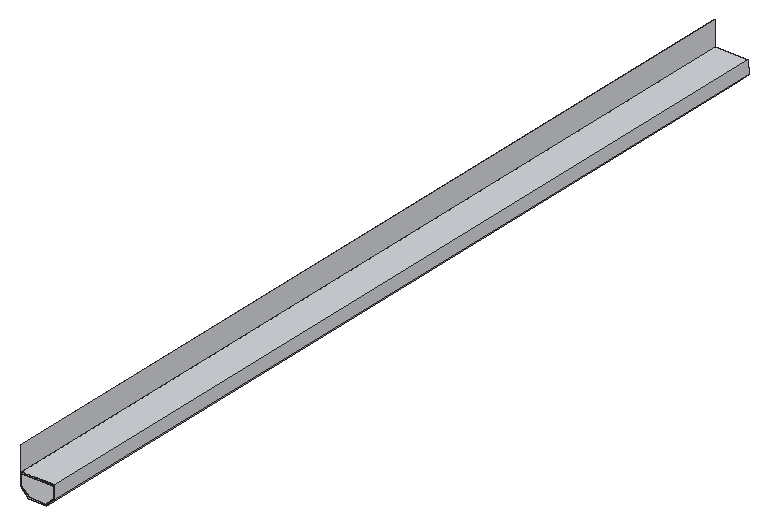
Revit family "nbl_TritonSystems_AquaChannel", category Plumbing Fixtures, Revit 2012
Parameters
  WarrantyStartDate [instance] = ""
  WarrantyGuarantorParts = ""
  WarrantyGuarantorLabour = ""
  WarrantyDurationParts = ""
  WarrantyDurationLabour = ""
  WarrantyDescription = ""
  Version = "1.0"
  TagNumber [instance] = ""
  THeight = 100 mm
  SustainabilityPerformance = ""
  StandardWidth = "80 mm"
  StandardLength = "2000 mm"
  StandardHeight = "Varies"
  Size = "80 mm x Varied mm"
  Shape = "Rectangle"
  ServiceLifeType = ""
  ServiceLifeDuration = ""
  SerialNumber [instance] = ""
  ReplacementCost = ""
  ReferenceStandard = ""
  ProductionYear = ""
  Process = ""
  NominalWidth = 80 mm
  NominalLength = 0 mm
  NominalHeight = 0 mm
  NBSReference = "90-05-20/302"
  NBSDescription = "Floor channels"
  ModelReference = "Triton Aqua Channel"
  ModelLabel = ""
  MethodOfMeasurement = ""
  Material = "PVC"
  ManufacturerURL = "www.tritonsystems.co.uk"
  Manufacturer = "Triton Systems"
  LifeCyclePhase = ""
  IssueDate = "2012-12-05"
  InstallationDate [instance] = ""
  Help = "www.nationalBIMlibrary.com"
  Grade = ""
  Finish = ""
  Features = ""
  DrainageCount [instance] = (ChannelLength - 35 mm) / 70 mm  # 28
  DrainHoles = "19 mm"
  Documentation = "www.tritonsystems.co.uk/pdf/Triton_Pumps_Brochure.pdf"
  DocumentReference = "www.tritonsystems.co.uk"
  Description = "PVC drainage conduit"
  Constituents = ""
  Colour = "Grey and Black"
  CodePerformance = ""
  ChannelLength [instance] = 2000 mm
  BarCode [instance] = ""
  BIMObjectName = "nbl_TritonSystems_AquaChannel"
  Author = "NBS"
  AssetIdentifier [instance] = ""
  AccessibilityPerformance = ""
Reference planes
  plane 1 "Center (Front/Back)": y = -100
  plane 2: z = 0
  plane 3 "Center (Left/Right)": x = 0
  plane 4: y = -1100
  plane 5: y = 900
  plane 6: y = 865
  plane 7: y = -1065
  plane 8: y = 795
Forms (mm)
  Extrusion 1, solid, detail levels medium+fine
    sketch origin (0, -0.045, 0) x (1, 0, 0) y (0, 0, 1)
      loop
        line (0, 55) -> (0, -30) -> (20, -50) -> (60, -50) -> (80, -30) -> (80, 0) -> (2, 0) -> (2, 55) -> (0, 55)
      loop
        line (2, -29.172) -> (20.828, -48) -> (59.172, -48) -> (78, -29.172) -> (78, -2) -> (2, -2) -> (2, -29.172)
    from -900.045 to 1099.955
  Extrusion 2, solid
    sketch origin (0, -1100, 0) x (1, 0, 0) y (0, 0, 1)
      loop
        line (2, -2) -> (2, -29.172) -> (20.828, -48) -> (59.172, -48) -> (78, -29.172) -> (78, -2) -> (2, -2)
    from 0 to -2
  Extrusion 3, void
    sketch origin (2, -0.045, -29.172) x (-0.707107, 0, 0.707107) y (0, 1, 0)
      loop
        circle (-13.32, 865.045) r 9.5
    from -5.774 to 29.294
  Extrusion 4, void
    sketch origin (2, -70.045, -29.172) x (-0.707107, 0, 0.707107) y (0, 1, 0)
      loop
        circle (-13.32, 865.045) r 9.5
    from -5.774 to 29.294
  Extrusion 5, void
    sketch origin (2, -140.045, -29.172) x (-0.707107, 0, 0.707107) y (0, 1, 0)
      loop
        circle (-13.32, 865.045) r 9.5
    from -5.774 to 29.294
  Extrusion 6, void
    sketch origin (2, -210.045, -29.172) x (-0.707107, 0, 0.707107) y (0, 1, 0)
      loop
        circle (-13.32, 865.045) r 9.5
    from -5.774 to 29.294
  Extrusion 7, void
    sketch origin (2, -280.045, -29.172) x (-0.707107, 0, 0.707107) y (0, 1, 0)
      loop
        circle (-13.32, 865.045) r 9.5
    from -5.774 to 29.294
  Extrusion 8, void
    sketch origin (2, -350.045, -29.172) x (-0.707107, 0, 0.707107) y (0, 1, 0)
      loop
        circle (-13.32, 865.045) r 9.5
    from -5.774 to 29.294
  Extrusion 9, void
    sketch origin (2, -420.045, -29.172) x (-0.707107, 0, 0.707107) y (0, 1, 0)
      loop
        circle (-13.32, 865.045) r 9.5
    from -5.774 to 29.294
  Extrusion 10, void
    sketch origin (2, -490.045, -29.172) x (-0.707107, 0, 0.707107) y (0, 1, 0)
      loop
        circle (-13.32, 865.045) r 9.5
    from -5.774 to 29.294
  Extrusion 11, void
    sketch origin (2, -560.045, -29.172) x (-0.707107, 0, 0.707107) y (0, 1, 0)
      loop
        circle (-13.32, 865.045) r 9.5
    from -5.774 to 29.294
  Extrusion 12, void
    sketch origin (2, -630.045, -29.172) x (-0.707107, 0, 0.707107) y (0, 1, 0)
      loop
        circle (-13.32, 865.045) r 9.5
    from -5.774 to 29.294
  Extrusion 13, void
    sketch origin (2, -700.045, -29.172) x (-0.707107, 0, 0.707107) y (0, 1, 0)
      loop
        circle (-13.32, 865.045) r 9.5
    from -5.774 to 29.294
  Extrusion 14, void
    sketch origin (2, -770.045, -29.172) x (-0.707107, 0, 0.707107) y (0, 1, 0)
      loop
        circle (-13.32, 865.045) r 9.5
    from -5.774 to 29.294
  Extrusion 15, void
    sketch origin (2, -840.045, -29.172) x (-0.707107, 0, 0.707107) y (0, 1, 0)
      loop
        circle (-13.32, 865.045) r 9.5
    from -5.774 to 29.294
  Extrusion 16, void
    sketch origin (2, -910.045, -29.172) x (-0.707107, 0, 0.707107) y (0, 1, 0)
      loop
        circle (-13.32, 865.045) r 9.5
    from -5.774 to 29.294
  Extrusion 17, void
    sketch origin (2, -980.045, -29.172) x (-0.707107, 0, 0.707107) y (0, 1, 0)
      loop
        circle (-13.32, 865.045) r 9.5
    from -5.774 to 29.294
  Extrusion 18, void
    sketch origin (2, -1050.045, -29.172) x (-0.707107, 0, 0.707107) y (0, 1, 0)
      loop
        circle (-13.32, 865.045) r 9.5
    from -5.774 to 29.294
  Extrusion 19, void
    sketch origin (2, -1120.045, -29.172) x (-0.707107, 0, 0.707107) y (0, 1, 0)
      loop
        circle (-13.32, 865.045) r 9.5
    from -5.774 to 29.294
  Extrusion 20, void
    sketch origin (2, -1190.045, -29.172) x (-0.707107, 0, 0.707107) y (0, 1, 0)
      loop
        circle (-13.32, 865.045) r 9.5
    from -5.774 to 29.294
  Extrusion 21, void
    sketch origin (2, -1260.045, -29.172) x (-0.707107, 0, 0.707107) y (0, 1, 0)
      loop
        circle (-13.32, 865.045) r 9.5
    from -5.774 to 29.294
  Extrusion 22, void
    sketch origin (2, -1330.045, -29.172) x (-0.707107, 0, 0.707107) y (0, 1, 0)
      loop
        circle (-13.32, 865.045) r 9.5
    from -5.774 to 29.294
  Extrusion 23, void
    sketch origin (2, -1400.045, -29.172) x (-0.707107, 0, 0.707107) y (0, 1, 0)
      loop
        circle (-13.32, 865.045) r 9.5
    from -5.774 to 29.294
  Extrusion 24, void
    sketch origin (2, -1470.045, -29.172) x (-0.707107, 0, 0.707107) y (0, 1, 0)
      loop
        circle (-13.32, 865.045) r 9.5
    from -5.774 to 29.294
  Extrusion 25, void
    sketch origin (2, -1540.045, -29.172) x (-0.707107, 0, 0.707107) y (0, 1, 0)
      loop
        circle (-13.32, 865.045) r 9.5
    from -5.774 to 29.294
  Extrusion 26, void
    sketch origin (2, -1610.045, -29.172) x (-0.707107, 0, 0.707107) y (0, 1, 0)
      loop
        circle (-13.32, 865.045) r 9.5
    from -5.774 to 29.294
  Extrusion 27, void
    sketch origin (2, -1680.045, -29.172) x (-0.707107, 0, 0.707107) y (0, 1, 0)
      loop
        circle (-13.32, 865.045) r 9.5
    from -5.774 to 29.294
  Extrusion 28, void
    sketch origin (2, -1750.045, -29.172) x (-0.707107, 0, 0.707107) y (0, 1, 0)
      loop
        circle (-13.32, 865.045) r 9.5
    from -5.774 to 29.294
  Extrusion 29, void
    sketch origin (2, -1820.045, -29.172) x (-0.707107, 0, 0.707107) y (0, 1, 0)
      loop
        circle (-13.32, 865.045) r 9.5
    from -5.774 to 29.294
  Extrusion 30, void
    sketch origin (2, -1890.045, -29.172) x (-0.707107, 0, 0.707107) y (0, 1, 0)
      loop
        circle (-13.32, 865.045) r 9.5
    from -5.774 to 29.294
Cuts and joins
  Extrusion 3, Extrusion 4, Extrusion 5, Extrusion 6, Extrusion 7, Extrusion 8, Extrusion 9, Extrusion 10, Extrusion 11, Extrusion 12, Extrusion 13, Extrusion 14, Extrusion 15, Extrusion 16, Extrusion 17, Extrusion 18, Extrusion 19, Extrusion 20, Extrusion 21, Extrusion 22, Extrusion 23, Extrusion 24, Extrusion 25, Extrusion 26, Extrusion 27, Extrusion 28, Extrusion 29, Extrusion 30 cuts Extrusion 1
Dimensions and locks
  Extrusion 1 sketch curve to Extrusion 1 sketch curve = 2 mm
  Extrusion 2 to Extrusion 2 = 76 mm
  equal spacing: plane 4, plane 1 "Center (Front/Back)", plane 5
  "ChannelLength": plane 4 to plane 5
  locked: plane 6 to plane 5 at 35
  locked: plane 7 to plane 4 at 35
  locked: plane 6 to plane 8 at 70
  equal spacing: group 1, group 2, group 3, group 4, group 5, group 6, group 7, group 8, group 9, group 10, group 11, group 12, group 13, group 14, group 15, group 16, group 17, group 18, group 19, group 20, group 21, group 22, group 23, group 24, group 25, group 26, group 27, group 28  (x2)
  equal spacing: group 28, group 27, group 26, group 25, group 24, group 23, group 22, group 21, group 20, group 19, group 18, group 17, group 16, group 15, group 14, group 13, group 12, group 11, group 10, group 9, group 8, group 7, group 6, group 5, group 4, group 3, group 2, group 1
  aligned and locked: level to plane 2
  aligned and locked: Extrusion 2 sketch curve to Extrusion 1  (x6)
  aligned and locked: Extrusion 1 to plane 5
  aligned and locked: plane 4 to Extrusion 1
Automatic sketch dimensions
  Extrusion 1 sketch curve to plane 3 "Center (Left/Right)" = 0 mm
  Extrusion 1 sketch curve to level = 0 mm
  plane 3 "Center (Left/Right)" to Extrusion 1 sketch curve = 2 mm
  plane 3 "Center (Left/Right)" to Extrusion 1 sketch curve = 20 mm
  Extrusion 1 sketch curve to Extrusion 1 sketch curve = 0.828 mm  (x4)
  Extrusion 1 sketch curve to Extrusion 1 sketch curve = 38.343 mm
  Extrusion 1 sketch curve to Extrusion 1 sketch curve = 18.828 mm  (x2)
  Extrusion 1 sketch curve to Extrusion 1 sketch curve = 2 mm  (x2)
  Extrusion 1 sketch curve to level = 2 mm
  Extrusion 1 sketch curve to Extrusion 1 sketch curve = 27.172 mm  (x2)
  Extrusion 1 sketch curve to Extrusion 1 sketch curve = 55 mm
  radius of Extrusion 3 sketch curve = 9.5 mm
  radius of Extrusion 4 sketch curve = 9.5 mm
  radius of Extrusion 5 sketch curve = 9.5 mm
  radius of Extrusion 6 sketch curve = 9.5 mm
  radius of Extrusion 7 sketch curve = 9.5 mm
  radius of Extrusion 8 sketch curve = 9.5 mm
  radius of Extrusion 9 sketch curve = 9.5 mm
  radius of Extrusion 10 sketch curve = 9.5 mm
  radius of Extrusion 11 sketch curve = 9.5 mm
  radius of Extrusion 12 sketch curve = 9.5 mm
  radius of Extrusion 13 sketch curve = 9.5 mm
  radius of Extrusion 14 sketch curve = 9.5 mm
  radius of Extrusion 15 sketch curve = 9.5 mm
  radius of Extrusion 16 sketch curve = 9.5 mm
  radius of Extrusion 17 sketch curve = 9.5 mm
  radius of Extrusion 18 sketch curve = 9.5 mm
  radius of Extrusion 19 sketch curve = 9.5 mm
  radius of Extrusion 20 sketch curve = 9.5 mm
  radius of Extrusion 21 sketch curve = 9.5 mm
  radius of Extrusion 22 sketch curve = 9.5 mm
  radius of Extrusion 23 sketch curve = 9.5 mm
  radius of Extrusion 24 sketch curve = 9.5 mm
  radius of Extrusion 25 sketch curve = 9.5 mm
  radius of Extrusion 26 sketch curve = 9.5 mm
  radius of Extrusion 27 sketch curve = 9.5 mm
  radius of Extrusion 28 sketch curve = 9.5 mm
  radius of Extrusion 29 sketch curve = 9.5 mm
  radius of Extrusion 30 sketch curve = 9.5 mm
